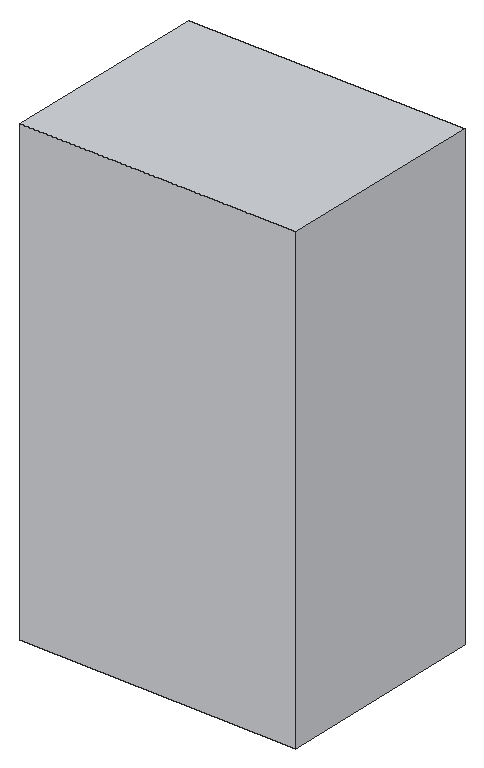
Revit family
Parameters
  Warranty Duration (Years) = 0
  Unit Width [instance] = 0' - 4 1/4"
  Unit Height [instance] = 0' - 4 1/4"
  Unit Depth = 0' - 0 7/8"
  URL = "http://www.americanspecialties.com/viewCategories.cfm"
  Trim Material = Metal - Stainless Steel
  Test Data = ""
  Specification = "http://www.arcat.com/sdspecs/htm/10810asi.htm"
  SpecWizard = ""
  Send Message = "http://www.arcat.com/users.pl?action=UserEmail&company=American%20Specialties,%20Inc.&coid=30448&rep=139&fax=914-476-0688&mf="
  Screw Length = 0' - 3"
  Sales Information = "http://www.americanspecialties.com/contact"
  Revision = "R1_10-2010"
  Product Properties = "http://www.americanspecialties.com/datasheets/122.pdf"
  Product Data = "http://www.arcat.com/arcatcos/cos30/arc30448.html"
  Model = "As Specified in 10 28 13"
  Manufacturer Website = "http://www.americanspecialties.com/viewCategories.cfm"
  Manufacturer Phone - Toll Free = ""
  Manufacturer Phone = "914-476-9000 "
  Manufacturer Fax = "914-476-0688"
  Manufacturer Address = "441 Saw Mill River Rd., Yonkers, NY 10701"
  Manufacturer = "American Specialties, Inc."
  Maintenance Schedule (Months) = 0
  Keynote = "10 28 13"
  Installation-Fabrication = "http://www.americanspecialties.com/products.cfm"
  Green Building-LEED = ""
  Expected Lifespan (Years) = 0
  Drawn By = "Robert S. Weygant. CSI, CDT, SCIP"  # constant formula
  Description = "Toilet Accessory as Specified in 10 28 13"
  Default Elevation = 4' - 0"
  Copyright = "©Arcat Inc."
  Construction Details = "http://www.arcat.com/green/clients/leed_data_30448.html"
  Building Codes = "http://www.americanspecialties.com/products.cfm"
  Body Material = Metal - Stainless Steel
  Assembly Code = "C1030210"
Reference planes (in)
  plane 1 "Center (Front/Back)": y = -0.29112
  plane 2 "Floor Line": z = 0
  plane 3 "Center (Left/Right)": x = -0.65843
Forms (in)
  Extrusion 1, solid
    sketch origin (-3, -9, -6) x (0, 0, -1) y (1, 0, 0)
      loop
        line (-82, 26) -> (-82, -19.34712) -> (-6, -19.34712) -> (-6, 26) -> (-82, 26)
    from 9 to -25.60721
  Revolve 2, solid, material "Metal - Stainless Steel" <- "Trim Material"
    sketch origin (-0.65843, 0, 0) x (0, 1, 0) y (0, 0, 1)
      loop
        line (-0.29112, 1.27196) -> (-0.29112, 0.875) -> (0.18146, 0.875)
        spline (0.18146, 0.875) -> (0.17742, 0.92681) -> (0.16536, 0.97774) -> (0.14549, 1.02691) -> (0.11815, 1.07348) -> (0.0838, 1.11665) -> (0.04305, 1.15569) -> (-0.00343, 1.18993) -> (-0.05483, 1.21878) -> (-0.11027, 1.24174) -> (-0.16881, 1.25843) -> (-0.22943, 1.26856) -> (-0.29112, 1.27196)
      axis (-0.29112, 0.875) -> (-0.29112, 1.27196)
    angle from 0 to 360
  Extrusion 3, solid, material "Metal - Stainless Steel" <- "Trim Material"
    sketch origin (-0.65843, 0, 0) x (0, 1, 0) y (0, 0, 1)
      loop
        arc (-0.30141, 1.07047) -> (-0.28132, 0.95654) -> (-0.16739, 0.97663) r 0.0818
        line (-0.16739, 0.97663) -> (0.46926, 1.88586)
        arc (0.46926, 1.88586) -> (0.44917, 1.99979) -> (0.33524, 1.9797) r 0.0818
        line (0.33524, 1.9797) -> (-0.30141, 1.07047)
    from -0.04453 to 0.03585
  Extrusion 4, solid, material "Metal - Stainless Steel" <- "Body Material"
    sketch origin (0, 0, 0) x (1, 0, 0) y (0, 1, 0)
      loop
        arc (-2.427, 1.83388) -> (-2.67904, 1.72949) -> (-2.78343, 1.47745) r 0.35643
        line (-2.78343, 1.47745) -> (-2.78343, -2.05969)
        arc (-2.78343, -2.05969) -> (-2.67904, -2.31172) -> (-2.427, -2.41612) r 0.35643
        line (-2.427, -2.41612) -> (1.11014, -2.41612)
        arc (1.11014, -2.41612) -> (1.36217, -2.31172) -> (1.46657, -2.05969) r 0.35643
        line (1.46657, -2.05969) -> (1.46657, 1.47745)
        arc (1.46657, 1.47745) -> (1.36217, 1.72949) -> (1.11014, 1.83388) r 0.35643
        line (1.11014, 1.83388) -> (-2.427, 1.83388)
      loop
        circle (-2.03343, 1.08388) r 0.12196
      loop
        circle (0.71657, 1.08388) r 0.12196
      loop
        circle (-2.03343, -1.66612) r 0.12196
      loop
        circle (0.71657, -1.66612) r 0.12196
    from 0 to 0.875
  Extrusion 5, solid, material "Metal - Stainless Steel" <- "Trim Material"
    sketch origin (0, 0, 0) x (1, 0, 0) y (0, 1, 0)
      loop
        circle (-2.03343, -0.29112) r 0.12196
      loop
        circle (0.71657, -0.29112) r 0.12196
    from -2.125 to 0.875
Dimensions and locks (in)
  "Screw Length": Extrusion 4 to Extrusion 5
  aligned and locked: Extrusion 1 to level
  aligned and locked: Revolve 2 to Extrusion 5
Automatic sketch dimensions
  Extrusion 1 sketch curve to Extrusion 1 sketch curve = 6' - 4"
  Extrusion 1 sketch curve to Extrusion 1 sketch curve = 3' - 9.34712"
  Revolve 2 sketch curve to plane 1 "Center (Front/Back)" = 0' - 0"  (x2)
  plane 1 "Center (Front/Back)" to Revolve 2 sketch curve = 0' - 0.47258"
  level to Revolve 2 sketch curve = 0' - 0 7/8"
  Revolve 2 sketch curve to Revolve 2 sketch curve = 0' - 0"  (x2)
  Revolve 2 sketch curve to Revolve 2 sketch curve = 0' - 0.39696"
  plane 1 "Center (Front/Back)" to Extrusion 3 sketch curve = 0' - 0.0103"
  Extrusion 3 sketch curve to plane 1 "Center (Front/Back)" = 0' - 0.05671"
  Extrusion 3 sketch curve to Extrusion 3 sketch curve = 0' - 0.06701"  (x3)
  Extrusion 3 sketch curve to plane 1 "Center (Front/Back)" = 0' - 0.62635"
  level to Extrusion 3 sketch curve = 0' - 0.97663"
  Extrusion 3 sketch curve to Extrusion 3 sketch curve = 0' - 0.04692"  (x2)
  Extrusion 3 sketch curve to Extrusion 3 sketch curve = 0' - 0.90923"
  Extrusion 4 sketch curve to plane 3 "Center (Left/Right)" = 0' - 2 1/8"
  Extrusion 4 sketch curve to Extrusion 4 sketch curve = 0' - 0.35643"  (x3)
  Extrusion 4 sketch curve to Extrusion 4 sketch curve = 0' - 0.39357"  (x7)
  plane 3 "Center (Left/Right)" to Extrusion 4 sketch curve = 0' - 1 3/8"  (x2)
  plane 1 "Center (Front/Back)" to Extrusion 4 sketch curve = 0' - 2 1/8"
  Extrusion 4 sketch curve to plane 1 "Center (Front/Back)" = 0' - 1 3/8"  (x2)
  Extrusion 5 sketch curve to plane 1 "Center (Front/Back)" = 0' - 0"  (x2)
  Extrusion 5 sketch curve to plane 3 "Center (Left/Right)" = 0' - 1 3/8"
  plane 3 "Center (Left/Right)" to Extrusion 5 sketch curve = 0' - 1 3/8"
  radius of Extrusion 4 sketch curve = 0' - 0.12196"  (x4)
  radius of Extrusion 5 sketch curve = 0' - 0.12196"  (x2)
